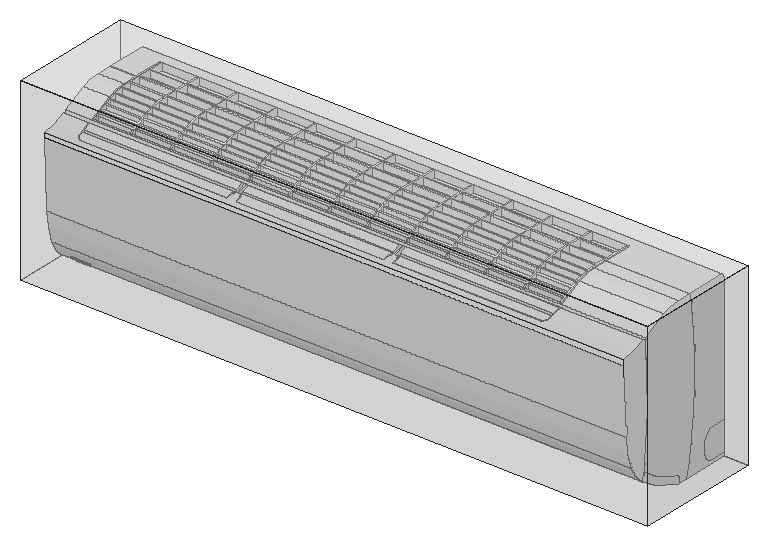
Revit family "outputfile", category 機械設備, Revit 2024 (continued)
Automatic sketch dimensions
  Extrusion 6 sketch curve to level = 39.145 mm
  Extrusion 6 sketch curve to Extrusion 6 sketch curve = 87.729 mm
  Extrusion 9 sketch curve to Extrusion 9 sketch curve = 29.597 mm
  Extrusion 9 sketch curve to Extrusion 9 sketch curve = 6.09 mm
  Extrusion 10 sketch curve to plane 5 "Front" = 51.103 mm
  Extrusion 10 sketch curve to plane 4 "Center (Front/Back)" = 43.89 mm
  Extrusion 11 sketch curve to Extrusion 11 sketch curve = 82.2 mm
  Extrusion 12 sketch curve to Extrusion 12 sketch curve = 82.2 mm
  Extrusion 5 sketch curve to Extrusion 5 sketch curve = 54.897 mm
  Extrusion 5 sketch curve to Extrusion 5 sketch curve = 8.403 mm
  Extrusion 5 sketch curve to Extrusion 5 sketch curve = 4.775 mm
  Extrusion 5 sketch curve to level = 196.822 mm
  Extrusion 6 sketch curve to Extrusion 6 sketch curve = 17.737 mm
  Extrusion 6 sketch curve to Extrusion 6 sketch curve = 8.403 mm
  Extrusion 6 sketch curve to Extrusion 6 sketch curve = 4.775 mm
  Extrusion 6 sketch curve to level = 196.822 mm
  Extrusion 6 sketch curve to level = 184.0 mm
  Extrusion 6 sketch curve to Extrusion 6 sketch curve = 3.223 mm
  Extrusion 7 sketch curve to level = 148.3 mm
  Extrusion 7 sketch curve to Extrusion 7 sketch curve = 2.725 mm
  plane 9 "Bottom" to Extrusion 7 sketch curve = 12.4 mm
  Extrusion 8 sketch curve to level = 148.3 mm
  Extrusion 8 sketch curve to Extrusion 8 sketch curve = 3.692 mm
  Extrusion 9 sketch curve to level = 148.313 mm
  Extrusion 6 sketch curve to plane 4 "Center (Front/Back)" = 76.232 mm
  Extrusion 6 sketch curve to Extrusion 6 sketch curve = 10.372 mm
  Extrusion 6 sketch curve to Extrusion 6 sketch curve = 14.363 mm
  Extrusion 6 sketch curve to Extrusion 6 sketch curve = 58.242 mm
  plane 9 "Bottom" to Extrusion 8 sketch curve = 7.772 mm
  Extrusion 10 sketch curve to Extrusion 10 sketch curve = 22.678 mm
  Extrusion 11 sketch curve to Extrusion 11 sketch curve = 199.466 mm
  Extrusion 12 sketch curve to Extrusion 12 sketch curve = 199.466 mm
  plane 9 "Bottom" to Extrusion 5 sketch curve = 98.776 mm
  plane 9 "Bottom" to Extrusion 5 sketch curve = 156.0 mm
  plane 9 "Bottom" to Extrusion 6 sketch curve = 21.788 mm
  Extrusion 6 sketch curve to Extrusion 6 sketch curve = 5.0 mm
  Extrusion 6 sketch curve to plane 4 "Center (Front/Back)" = 16.564 mm
  Extrusion 7 sketch curve to Extrusion 7 sketch curve = 5.679 mm
  Extrusion 8 sketch curve to plane 4 "Center (Front/Back)" = 16.564 mm
  plane 9 "Bottom" to Extrusion 9 sketch curve = 32.482 mm
  Extrusion 9 sketch curve to Extrusion 9 sketch curve = 12.606 mm
  plane 9 "Bottom" to Extrusion 9 sketch curve = 45.322 mm
  Extrusion 10 sketch curve to level = 173.035 mm
  Extrusion 10 sketch curve to Extrusion 10 sketch curve = 27.999 mm
  plane 1 "Back" to Extrusion 5 sketch curve = 95.491 mm
  Extrusion 5 sketch curve to Extrusion 5 sketch curve = 4.32 mm
  Extrusion 5 sketch curve to Extrusion 5 sketch curve = 0.381 mm
  Extrusion 6 sketch curve to Extrusion 6 sketch curve = 4.508 mm
  plane 1 "Back" to Extrusion 6 sketch curve = 38.573 mm
  Extrusion 6 sketch curve to plane 13 "ld_liquidpipe" = 8.3 mm
  Extrusion 7 sketch curve to plane 13 "ld_liquidpipe" = 8.3 mm
  Extrusion 8 sketch curve to plane 13 "ld_liquidpipe" = 8.3 mm
  Extrusion 9 sketch curve to plane 13 "ld_liquidpipe" = 8.432 mm
  plane 1 "Back" to Extrusion 11 sketch curve = 38.573 mm
  plane 1 "Back" to Extrusion 12 sketch curve = 38.573 mm
  plane 9 "Bottom" to curve 1 = 52.18 mm
  curve 1 to plane 5 "Front" = 38.098 mm
  curve 1 to curve 1 = 7.484 mm
  curve 1 to curve 1 = 6.633 mm
  radius of Extrusion 1 sketch curve = 40.0 mm  (x2)
Nested families
  nested 1: "daikin_clearancespace" at (0, -129.5, -154.881), show <- "Clearance visibility", visible <- "Clearance visibility", Link_Nested Family <- "Link_Nested Family", type "daikin_clearancespace"
    with width 1300.0 mm, show yes, height 370.0 mm, depth 259.0 mm, Link_Nested Family ""
  nested 2: "daikin_logo_plane_w40" at (-550.5, -227.833, -280) x (1, 0, 0) z (0, -0.7484, -0.6633), type "daikin_logo_plane_w40"
    with show_logo yes
  nested 3: "daikin_connector_rotate3" at (46, -35, -315), angle_vertical <- "angle_vertical", angle_horizontal <- "angle_horizontal", length <- "l_drainpipe_length", radius <- "r_Drain Pipe Size", type "daikin_connector_rotate3"
    with show no, radius 8.0 mm, length 554.0 mm, angle_vertical 90.00°, angle_horizontal 90.00°
  nested 4: "daikin_connector_rotate3" at (51, -30, -300), angle_vertical <- "angle_vertical", angle_horizontal <- "angle_horizontal", radius <- "r_Liquid Pipe Size", length <- "l_liquidpipe_length", type "daikin_connector_rotate3"
    with show no, radius 3.2 mm, length 549.0 mm, angle_vertical 90.00°, angle_horizontal 90.00°
  nested 5: "daikin_connector_rotate3" at (111, -15, -315), angle_vertical <- "angle_vertical", angle_horizontal <- "angle_horizontal", length <- "l_gaspipe_length", radius <- "r_Gas Pipe Size", type "daikin_connector_rotate3"
    with show no, radius 7.95 mm, length 489.0 mm, angle_vertical 90.00°, angle_horizontal 90.00°
  nested 6: "daikin_connector_rotate3" at (211, -15, -290), angle_vertical <- "angle_vertical", angle_horizontal <- "angle_horizontal", length <- "l_powersupply_length", type "daikin_connector_rotate3"
    with show no, radius 10.0 mm, length 389.0 mm, angle_vertical 90.00°, angle_horizontal 90.00°
Connectors
  piping at (600, -15, -315), diameter 15.9, driven by "r_Gas Pipe Size"
    settings: on nested 5, index 2, connector inside diameter 609.6 mm, connector length 0.0 mm, flow factor 0, pipe flow 0.00 m³/h, pressure drop 0.0 Pa, fitting loss kfactor 0, connector angle 0.00°, fixture units 0, engagement length 0.0 mm, angle of deflection 0.00°, flow configuration 1, flow direction 2, fitting loss method 0, system type 29, joint type 0, gender type 0, connector reference index -1, connector utility 0, adjustable connector no, is connector primary yes, connector description "Refrigerant Gas Piping"
  piping at (600, -35, -315), diameter 16, driven by "r_Drain Pipe Size"
    settings: on nested 3, index 3, connector inside diameter 609.6 mm, connector length 0.0 mm, flow factor 0, pipe flow 0.00 m³/h, pressure drop 0.0 Pa, fitting loss kfactor 0, connector angle 0.00°, fixture units 0, engagement length 0.0 mm, angle of deflection 0.00°, flow configuration 1, flow direction 2, fitting loss method 4, system type 16, joint type 0, gender type 0, connector reference index -1, connector utility 0, adjustable connector no, is connector primary no, connector description "Condensate Drain Piping"
  piping at (600, -30, -300), diameter 6.4, driven by "r_Liquid Pipe Size"
    settings: on nested 4, index 4, connector inside diameter 609.6 mm, connector length 0.0 mm, flow factor 0, pipe flow 0.00 m³/h, pressure drop 0.0 Pa, fitting loss kfactor 0, connector angle 0.00°, fixture units 0, engagement length 0.0 mm, angle of deflection 0.00°, flow configuration 1, flow direction 1, fitting loss method 0, system type 29, joint type 0, gender type 0, connector reference index -1, connector utility 0, adjustable connector no, is connector primary no, connector description "Refrigerant Liquid Piping"
  electrical at (600, -15, -290), driven by "Load Classification", driven by "connector_powerinput", driven by "connector_voltage", driven by "connector_phase"
    settings: on nested 6, index 5, voltage 230 V, apparent load 0 VA, apparent load phase1 0 VA, apparent load phase2 0 VA, apparent load phase3 0 VA, power factor 1, load classification "HVAC", number of poles 1, system type 30, power factor state 1, is connector primary yes, connector utility no, sub classification motor no, connector description "Power Supply"
Definition of nested family "daikin_clearancespace"
  Parameters (values of type "daikin_clearancespace")
    Description = "daikin_clearancespace"
    width [instance] = 1823.963 mm
    show [instance] = yes
    material = none
    height [instance] = 1359.762 mm
    depth [instance] = 880.0 mm
    Default Elevation = 0.0 mm
    Link_Nested Family [instance] = ""
  Reference planes
    plane 1 "Center (Front/Back)": y = 0
    plane 2 "Center (Elevation)": z = -0.119
    plane 3 "Center (Left/Right)": x = 0
    plane 4: y = 440
    plane 5: y = -440
    plane 6 "Right": x = 911.982
    plane 7 "Left": x = -911.982
    plane 8 "Top": z = 679.762
    plane 9 "Bottom": z = -680
  Forms (mm)
    Extrusion 1, solid, material <- "material", visible <- "show"
      sketch origin (0, 0, 0) x (1, 0, 0) y (0, 1, 0)
        loop
          line (-911.982, 440) -> (-911.982, -440) -> (911.982, -440) -> (911.982, 440) -> (-911.982, 440)
      from -680 to 679.762
  Lines and regions (mm)
    symbolic lines, visible <- "show"
      curve 1: line (911.982, 440, 0) -> (-911.982, 440, 0)
      curve 2: line (-911.982, 440, 0) -> (-911.982, -440, 0)
      curve 3: line (-911.982, -440, 0) -> (911.982, -440, 0)
      curve 4: line (911.982, -440, 0) -> (911.982, 440, 0)
      curve 5: line (911.982, 0, 679.762) -> (-911.982, 0, 679.762)
      curve 6: line (911.982, 0, -680) -> (911.982, 0, 679.762)
      curve 7: line (-911.982, 0, -680) -> (911.982, 0, -680)
      curve 8: line (-911.982, 0, 679.762) -> (-911.982, 0, -680)
      curve 9: line (0, 440, 679.762) -> (0, -440, 679.762)
      curve 10: line (0, -440, 679.762) -> (0, -440, -680)
      curve 11: line (0, 440, -680) -> (0, 440, 679.762)
      curve 12: line (0, -440, -680) -> (0, 440, -680)
  Dimensions and locks
    "width": plane 7 "Left" to plane 6 "Right"
    "depth": plane 4 to plane 5
    "height": plane 8 "Top" to plane 9 "Bottom"
    equal spacing: plane 7 "Left", plane 3 "Center (Left/Right)", plane 6 "Right"
    equal spacing: plane 4, plane 1 "Center (Front/Back)", plane 5
    equal spacing: plane 8 "Top", plane 2 "Center (Elevation)", plane 9 "Bottom"
    aligned and locked: level to plane 2 "Center (Elevation)"
    aligned and locked: Extrusion 1 sketch curve to plane 4
    aligned and locked: plane 7 "Left" to Extrusion 1 sketch curve
    aligned and locked: Extrusion 1 sketch curve to plane 5
    aligned and locked: Extrusion 1 sketch curve to plane 6 "Right"
    aligned and locked: plane 8 "Top" to Extrusion 1
    aligned and locked: curve 1 to Extrusion 1
    aligned and locked: curve 2 to Extrusion 1
    aligned and locked: curve 3 to Extrusion 1
    aligned and locked: curve 4 to Extrusion 1
    aligned and locked: curve 5 to Extrusion 1
    aligned and locked: curve 6 to Extrusion 1
    aligned and locked: curve 7 to Extrusion 1
    aligned and locked: curve 8 to Extrusion 1
    aligned and locked: curve 9 to Extrusion 1
    aligned and locked: curve 10 to Extrusion 1
    aligned and locked: curve 11 to Extrusion 1
    aligned and locked: curve 12 to Extrusion 1
    aligned and locked: Extrusion 1 to plane 9 "Bottom"
Definition of nested family "daikin_logo_plane_w40"
  Parameters (values of type "daikin_logo_plane_w40")
    width = 40.0 mm
    show_logo [instance] = yes
    material = none
    height = 0.0 mm
    depth = 0.0 mm
    Default Elevation = 1219.2 mm
  Reference planes
    plane 1 "Center (Front/Back)": y = 0
    plane 2: z = 0
    plane 3 "Center (Left/Right)": x = 0
    plane 4: z = 2
    plane 5 "left": x = -19
    plane 6: x = 19
  Forms (mm)
    Extrusion 1, solid, visible <- "show_logo"
      sketch origin (-19, 0, 0) x (1, 0, 0) y (0, 1, 0)
        loop
          line (8.902, -1.878) -> (7.789, -6.332) -> (11.13, -6.332)
          arc (11.13, -6.332) -> (12.454, -6.064) -> (13.472, -5.176) r 2.642
          arc (13.472, -5.176) -> (13.92, -4.02) -> (13.767, -2.79) r 2.537
          arc (13.767, -2.79) -> (13.452, -2.342) -> (12.982, -2.06) r 1.321
          arc (12.982, -2.06) -> (12.063, -1.902) -> (11.13, -1.878) r 6.479
          line (11.13, -1.878) -> (8.902, -1.878)
        loop
          line (10.016, -5.441) -> (10.907, -5.441)
          arc (10.907, -5.441) -> (11.591, -4.983) -> (11.988, -4.261) r 1.742
          spline (11.988, -4.261) -> (12.01, -4.155) -> (12.027, -4.03) -> (12.037, -3.893) -> (12.037, -3.747) -> (12.026, -3.598) -> (12.002, -3.451) -> (11.962, -3.31) -> (11.905, -3.181) -> (11.829, -3.069) -> (11.731, -2.978) -> (11.61, -2.913) -> (11.464, -2.88)
          line (11.464, -2.88) -> (10.573, -2.88) -> (10.016, -5.441)
        loop
          line (13.58, -6.332) -> (14.805, -6.332) -> (15.223, -5.553) -> (16.977, -5.553) -> (17.144, -6.332) -> (19.149, -6.332) -> (18.258, -1.878) -> (16.03, -1.878) -> (13.58, -6.332)
        loop
          line (16.476, -3.214) -> (15.76, -4.551) -> (16.762, -4.551) -> (16.476, -3.214)
        loop
          line (19.705, -6.332) -> (21.599, -6.332) -> (22.712, -1.878) -> (20.819, -1.878) -> (19.705, -6.332)
        loop
          line (22.712, -6.332) -> (24.606, -6.332) -> (24.908, -5.122) -> (25.831, -6.332) -> (28.17, -6.332) -> (26.388, -3.994) -> (28.949, -1.878) -> (26.945, -1.878) -> (25.401, -3.153) -> (25.719, -1.878) -> (23.826, -1.878) -> (22.712, -6.332)
        loop
          line (29.84, -1.878) -> (28.615, -6.332) -> (30.62, -6.332) -> (31.734, -1.878) -> (29.84, -1.878)
        loop
          line (31.734, -6.332) -> (33.07, -6.332) -> (33.7, -3.814) -> (34.518, -6.332) -> (36.745, -6.332) -> (37.859, -1.878) -> (36.523, -1.878) -> (35.845, -4.589) -> (34.963, -1.878) -> (32.847, -1.878) -> (31.734, -6.332)
      from 0 to 2
    Extrusion 2, solid, visible <- "show_logo"
      sketch origin (-19, 0, 0) x (1, 0, 0) y (0, 1, 0)
        loop
          line (8.7, 0) -> (4.235, 0) -> (0, -3.879) -> (0, -8) -> (8.7, 0)
      from 0 to 2
    Extrusion 3, solid, visible <- "show_logo"
      sketch origin (-19, 0, 0) x (1, 0, 0) y (0, 1, 0)
        loop
          line (0, 0) -> (0, -3.879) -> (4.235, 0) -> (0, 0)
      from 0 to 2
  Dimensions and locks
    plane 4 to plane 2 = 2.0 mm
    equal spacing: plane 5 "left", plane 3 "Center (Left/Right)", plane 6
    locked: plane 5 "left" to plane 6 at 38
    aligned and locked: level to plane 2
    aligned and locked: Extrusion 3 to plane 1 "Center (Front/Back)"  (x2)
    aligned and locked: Extrusion 2 to plane 1 "Center (Front/Back)"  (x2)
    aligned and locked: plane 4 to Extrusion 1
    aligned and locked: plane 4 to Extrusion 3
    aligned and locked: plane 4 to Extrusion 2
    aligned and locked: Extrusion 3 to plane 5 "left"
    aligned and locked: Extrusion 2 to plane 5 "left"
  Automatic sketch dimensions
    Extrusion 1 sketch curve to Extrusion 1 sketch curve = 0.901 mm
    Extrusion 1 sketch curve to Extrusion 1 sketch curve = 1.559 mm
    Extrusion 1 sketch curve to Extrusion 1 sketch curve = 1.327 mm
    Extrusion 1 sketch curve to Extrusion 1 sketch curve = 2.145 mm
    Extrusion 1 sketch curve to Extrusion 1 sketch curve = 1.448 mm
    Extrusion 1 sketch curve to Extrusion 1 sketch curve = 2.116 mm
    Extrusion 1 sketch curve to Extrusion 1 sketch curve = 1.114 mm  (x4)
    Extrusion 1 sketch curve to Extrusion 1 sketch curve = 1.336 mm  (x2)
    plane 1 "Center (Front/Back)" to Extrusion 1 sketch curve = 1.878 mm  (x5)
    Extrusion 1 sketch curve to Extrusion 1 sketch curve = 1.893 mm  (x5)
    Extrusion 1 sketch curve to Extrusion 1 sketch curve = 0.891 mm  (x4)
    Extrusion 1 sketch curve to Extrusion 1 sketch curve = 2.005 mm  (x3)
    Extrusion 1 sketch curve to Extrusion 1 sketch curve = 0.445 mm  (x2)
    plane 1 "Center (Front/Back)" to Extrusion 1 sketch curve = 3.994 mm
    Extrusion 1 sketch curve to Extrusion 1 sketch curve = 0.557 mm  (x2)
    Extrusion 1 sketch curve to Extrusion 1 sketch curve = 2.339 mm  (x2)
    Extrusion 1 sketch curve to Extrusion 1 sketch curve = 1.225 mm  (x3)
    plane 1 "Center (Front/Back)" to Extrusion 1 sketch curve = 3.153 mm
    Extrusion 1 sketch curve to Extrusion 1 sketch curve = 0.987 mm
    plane 1 "Center (Front/Back)" to Extrusion 1 sketch curve = 5.122 mm
    Extrusion 1 sketch curve to Extrusion 1 sketch curve = 0.922 mm
    plane 1 "Center (Front/Back)" to Extrusion 1 sketch curve = 6.332 mm
    Extrusion 1 sketch curve to Extrusion 1 sketch curve = 2.562 mm
    plane 1 "Center (Front/Back)" to Extrusion 1 sketch curve = 5.553 mm
    Extrusion 1 sketch curve to Extrusion 1 sketch curve = 0.167 mm
    Extrusion 1 sketch curve to Extrusion 1 sketch curve = 0.215 mm
    plane 1 "Center (Front/Back)" to Extrusion 1 sketch curve = 3.214 mm
    Extrusion 1 sketch curve to Extrusion 1 sketch curve = 0.286 mm
    plane 1 "Center (Front/Back)" to Extrusion 1 sketch curve = 4.551 mm
    Extrusion 1 sketch curve to Extrusion 1 sketch curve = 1.002 mm
    Extrusion 1 sketch curve to Extrusion 1 sketch curve = 0.537 mm
    Extrusion 1 sketch curve to Extrusion 1 sketch curve = 0.418 mm
    Extrusion 1 sketch curve to Extrusion 1 sketch curve = 1.028 mm
    plane 1 "Center (Front/Back)" to Extrusion 1 sketch curve = 4.261 mm
    Extrusion 1 sketch curve to Extrusion 1 sketch curve = 0.563 mm
    plane 1 "Center (Front/Back)" to Extrusion 1 sketch curve = 2.88 mm
    Extrusion 1 sketch curve to Extrusion 1 sketch curve = 1.088 mm
    Extrusion 1 sketch curve to Extrusion 1 sketch curve = 2.152 mm
    Extrusion 1 sketch curve to Extrusion 1 sketch curve = 0.586 mm
    Extrusion 1 sketch curve to Extrusion 1 sketch curve = 0.118 mm
    Extrusion 1 sketch curve to Extrusion 1 sketch curve = 0.298 mm
    Extrusion 1 sketch curve to Extrusion 1 sketch curve = 0.334 mm
    Extrusion 1 sketch curve to Extrusion 1 sketch curve = 0.223 mm
    Extrusion 1 sketch curve to Extrusion 1 sketch curve = 0.266 mm
    Extrusion 1 sketch curve to Extrusion 1 sketch curve = 1.671 mm
    Extrusion 1 sketch curve to Extrusion 1 sketch curve = 2.227 mm
    Extrusion 1 sketch curve to Extrusion 1 sketch curve = 0.0 mm  (x7)
    Extrusion 1 sketch curve to Extrusion 1 sketch curve = 3.453 mm
    Extrusion 1 sketch curve to Extrusion 1 sketch curve = 2.017 mm
    Extrusion 1 sketch curve to Extrusion 1 sketch curve = 0.78 mm  (x2)
    Extrusion 1 sketch curve to Extrusion 1 sketch curve = 1.743 mm
    Extrusion 1 sketch curve to Extrusion 1 sketch curve = 0.775 mm
    Extrusion 1 sketch curve to Extrusion 1 sketch curve = 0.552 mm
    Extrusion 1 sketch curve to Extrusion 1 sketch curve = 0.014 mm
    Extrusion 1 sketch curve to Extrusion 1 sketch curve = 0.952 mm
    Extrusion 1 sketch curve to Extrusion 1 sketch curve = 1.215 mm
    Extrusion 1 sketch curve to Extrusion 1 sketch curve = 0.108 mm
    plane 1 "Center (Front/Back)" to Extrusion 2 sketch curve = 0.0 mm
    Extrusion 2 sketch curve to plane 3 "Center (Left/Right)" = 19.0 mm
    Extrusion 2 sketch curve to plane 3 "Center (Left/Right)" = 14.765 mm
    Extrusion 2 sketch curve to Extrusion 2 sketch curve = 4.465 mm
    plane 1 "Center (Front/Back)" to Extrusion 2 sketch curve = 3.879 mm
    Extrusion 2 sketch curve to Extrusion 2 sketch curve = 4.12 mm
    plane 1 "Center (Front/Back)" to Extrusion 3 sketch curve = 0.0 mm
    Extrusion 3 sketch curve to plane 3 "Center (Left/Right)" = 19.0 mm
    Extrusion 3 sketch curve to plane 3 "Center (Left/Right)" = 14.765 mm
    plane 1 "Center (Front/Back)" to Extrusion 3 sketch curve = 3.879 mm
    Extrusion 1 sketch curve to plane 3 "Center (Left/Right)" = 11.211 mm
    Extrusion 1 sketch curve to Extrusion 1 sketch curve = 1.782 mm
Definition of nested family "daikin_connector_rotate3"
  Parameters (values of type "daikin_connector_rotate3")
    show [instance] = yes
    radius [instance] = 10.0 mm
    length [instance] = 600.0 mm
    angle_horizontal [instance] = 60.00°
    angle_vertical [instance] = 90.00°
    Default Elevation = 1219.2 mm
  Reference planes
    plane 1 "Center (Front/Back)": y = 0
    plane 2: z = 0
    plane 3 "Center (Left/Right)": x = 0
  Dimensions and locks
    "angle_horizontal": angle plane 3 "Center (Left/Right)" to nested 1
    aligned and locked: level to plane 2
    aligned and locked: plane 1 "Center (Front/Back)" to nested 1  (x2)
    aligned and locked: plane 3 "Center (Left/Right)" to nested 1
  Nested families
    nested 1: "daikin_connector_rotate2" at (0, 0, 0) x (0.5, 0.866, 0) z (0, 0, 1), angle_vertical <- "angle_vertical", length <- "length", radius <- "radius", type "daikin_connector_rotate2"
      with radius 10.0 mm, length 600.0 mm, angle_vertical 90.00°
  Definition of nested family "daikin_connector_rotate2"
    Parameters (values of type "daikin_connector_rotate2")
      show_face = yes
      radius [instance] = 10.0 mm
      length [instance] = 600.0 mm
      d_surface = 10.0 mm
      angle_vertical [instance] = 90.00°
      Default Elevation = 0.0 mm
    Reference planes
      plane 1 "Center (Front/Back)": y = 0
      plane 2: z = 0
      plane 3 "Center (Left/Right)": x = 0
    Forms (mm)
      Extrusion 1, solid, visible <- "show_face"
        sketch origin (0, -600, 0) x (1, 0, 0) y (0, 0, 1)
          loop
            circle (0, 0) r 10
        from 0 to -10
    Lines and regions (mm)
      reference lines
        curve 1: line (0, 0, 0) -> (0, -600, 0)
      symbolic lines
        curve 2: circle (0, 0, 0) r 5 normal (0, 0, 1)
      model lines, visible <- "show_face"
        curve 3: line (0, 0, 0) -> (0, -600, 0)
    Dimensions and locks
      "length": curve 1 to curve 1
      "length": curve 3 to curve 3
      "d_surface": Extrusion 1 to Extrusion 1
      "radius": radius of Extrusion 1 sketch curve
      "angle_vertical": angle curve 1 to plane 1 "Center (Front/Back)"
      "angle_vertical": angle curve 3 to plane 1 "Center (Front/Back)"
      aligned and locked: level to plane 2
      aligned and locked: plane 1 "Center (Front/Back)" to curve 1
      aligned and locked: plane 2 to curve 1
      aligned and locked: plane 1 "Center (Front/Back)" to curve 2
      aligned and locked: plane 3 "Center (Left/Right)" to curve 2
      aligned and locked: plane 1 "Center (Front/Back)" to curve 3
      aligned and locked: plane 2 to curve 3
      aligned and locked: Extrusion 1 to Extrusion 1
    Automatic sketch dimensions
      Extrusion 1 sketch curve to level = 0.0 mm
      Extrusion 1 sketch curve to plane 3 "Center (Left/Right)" = 0.0 mm
      radius of curve 2 = 5.0 mm
